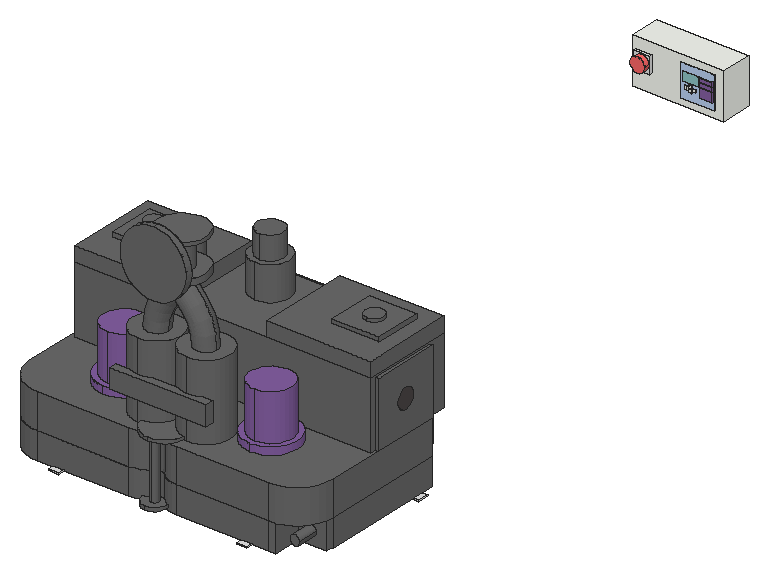
Revit family "11052", category Generic Models, Revit 2021
Family settings
  Can host rebar = No
  Round Connector Dimension = Use Diameter
  Part Type = Normal
  Work Plane-Based = No
  Always vertical = Yes
  Cut with Voids When Loaded = No
  Shared = Yes
  Room Calculation Point = No
Parameters (values of type "11052")
  SUPPLIER = "KESSEL"
  SA700ID49 = "Protection Class I"
  SA700ID48 = "no"
  SA700ID47 = "no"
  SA700ID46 = "yes"
  SA700ID37 = 16000 mm
  SA700ID34 = 47
  SA700ID33 = 3.2 W
  SA700ID32 = 196.52 kg
  SA700ID31 = 1
  SA700ID30 = 2
  SA700ID29 = "GLRD"
  SA700ID21 = 1600
  SA700ID10 = "yes"
  SA700ID08 = 400 V
  PROCUREWEBLINK = "https://p.caden.as/kessel/11052"
  PROCURELINK = "p.caden.as/kessel/11052"
  PROCUREDATALASTUPDATE = "2024-05-22T12:17:50.084235053+01:00"
  PREVIEW = "../../bilder/ksb_w_11052.png"
  PRC_SPECIFICATIONLINK = "https://ausschreiben.de/catalog/kessel/catalogItem/5278ebb1-2ca9-4d40-9ba7-52dc309c0124"
  NN = "Lifting station Aqualift F XL"
  NBSYN = "$SA810ID03."
  NB = "11052"
  Model = "11052"
  Manufacturer = "KESSEL"
  MIdent = "{$CADENAS_DATA/23d-libs/kessel/kessel_vdi_import/4/entwaesserung/hebeanlage20aqualift20f20xl.prj},201 {STYP=ASS},{VTYP=3D},{NB=11052},{LINA=11052},{NN=Lifting station Aqualift F XL},{DATE=21.11.2022 10:48:11},{GEOMDATE=21.11.2022 10:48:11},{VERSION=},{LINEID=300},{WBVAR=LODLEVEL},{WBNUMERIC=LODLEVEL}  {NB=11052},{LINA=11052},{KT=DUMMY},{PREVIEW=../../bilder/ksb_w_11052.png},{SA700ID04=Hebeanlage Aqualift F XL 300 l, Duo, SPF 3000-S3, Gussschieber},{SA810ID06=04026092057193},{SA700ID34=47.00},{SA010ID03=201805},{SA810ID03=11052},{SA810ID10=Aqualift F XL 3000W-S3 Duo 300L m.S.G.KESSEL Aqualift F XL Hebeanlage für fäkalienhaltiges und fäkalienfreies Abwasser. Zur Aufstellung in frostgeschützten Räumen.Duoanlage mit zwei Pumpen des Typs SPF 3000-S3 Sammelbehälter aus Polyethylen, mit verschraubter Reinigungsöffnung,Anschlussstutzen für Zulauf von oben DN100/150.Inklusive Tauchrohr zur pneumatischen Niveauerfassung,Entlüftungsanschluss DN 70 und Anschluss für eine Handmembranpumpe DN 32.Behälter inklusive Haltewinkel zur Auftriebssicherung.Behältervolumen 300 Liter, max. Nutzvolumen bei Zulauf von oben ca. 175 Liter.Zwei seitliche und drei rückseitige Anbohrflächen zur Montage weiterer Zuläufe bis DN 200 unter Verwendung von Durchgangsdichtungen.Inklusive KESSEL Schaltgerät Aqualift Comfort 400 V.Anwenderfreundliche Menüführung im mehrzeiligem Display. MitSelbstdiagnosesystem (SDS) und Erinnerungsfunktion für nächste Wartung.Anzeige der aktuellen Messwerte. Einfache Einstellung derfunktionsrelevanten Parameter, inklusive Betriebsstundenzähler und potentialfreiem Kontakt. Optionale Weiterleitung von Alarm- und Sammelstörmeldung über GSM Schnittstelle.Schaltgerät mit Volltextanzeige in sechs Sprachen.Abwasserpumpe(n) mit Freistromrad zur Förderung von fäkalienfreiem und fäkalienhaltigem Abwasser gemäß DIN EN 12050-1. Freier Kugeldurchgang mindestens 40 mm. Pumpe(n) überflutungssicher.Inklusive Rückflussverhinderer, mit Druckabgang aus Grauguss DN 80. nach DIN 2501. Inklusive einem Absperrschieber.Pumpe(n) Typ SPF 3000-S3Fördermenge: max. 47 m³/hFörderhöhe: max. 16 mNennleistung (P2): 2,7 KW je PumpeAufnahmeleistung (P1):  3,3 KW je PumpeBetriebsspannung: 400 V DSNennfrequenz: 50 HzNennstrom: 5,4 AAbsicherung: 3 x 16 A trägeSchutzart (Pumpe): IP68 3mWS/48hSchutzart (Schaltgerät): IP 65Bertiebsart: S3 (50 % Einschaltdauer)Kabellänge: 5 mAußenmaße Anlage mit 300 Liter Behälter (BxTxH): 1260 x 760 x 770 mm},{SA700ID37=16.00},{SA700ID33=3.20},{SA700ID08=400},{SA700ID30=2},{SA700ID32=196.52},{SA700ID49=Schutzklasse I},{SA700ID50=intern},{SA200ID03=6},{SA250ID03=vertikal},{SA260ID03=Trockenläuferpumpe},{SA350ID03=normalansaugend},{SA400ID03=E-Motor für Drehstrom},{SA460ID03=direkt},{SA500ID03=Kunststoff, Edelstahl},{SA700ID06=80},{SA700ID07=100},{SA700ID09=3/N/PE 400V},{SA700ID10=Ja},{SA700ID11=50},{SA700ID12=IP 68},{SA700ID13=F},{SA700ID15=40},{SA700ID21=1600.00},{SA700ID22=2.70},{SA700ID23=2845},{SA700ID24=2845},{SA700ID26=5.40},{SA700ID27=41.00},{SA700ID28=durchgehend},{SA700ID29=GLRD},{SA700ID31=1},{SA700ID46=ja},{SA700ID47=nein},{SA700ID48=nein},{SA110ID04=Hebeanlage Aqualift F XL},{SA300ID03=einstufig},{SA700ID44=10.00},{SA700ID45=10.00},{SA010ID04=KESSEL AG},{LODLEVEL=200},{LINK=https://www.kessel.de/info?han=11052},{SA970ID01=970},{SA970ID02=7177},{SA970ID03=11052},{SA970ID04=11002617},{SA970ID05=QUAD},{SA970ID06=-655.51},{SA970ID07=-650},{SA970ID08=0},{SA970ID09=1},{SA970ID10=0},{SA970ID11=0},{SA970ID12=0},{SA970ID13=1},{SA970ID14=0},{SA970ID15=1311.02},{SA970ID16=800},{SA970ID17=1037.75},{LODLEVEL_=200,'Low'},{LODLEVEL_DEU=200,'Low'},{LINK_=https://www.kessel.de/info?han=11052},{LINK_DEU=https://www.kessel.de/info?han=11052},{LODLEVEL_3DB=11052_200},{DNIN1=100},{DNIN2=70},{DNIN4=10},{DNIN5=10},{DNIN6=50},{DNIN7=50},{DNIN8=50},{DNIN9=50},{DNOUT1=32},{DNOUT2=100},{DNOUT3=70},{ISD1=96},{ISD2=10},{ISDOUT1=40},{ISDOUT2=85},{ISDOUT3=60},{SA010ID01=010},{SA010ID02=4},{SA010ID06=www.kessel.de},{SA010ID07=www.kessel.de},{SA010ID12=20180713},{SA010ID13=DEU},{SA010ID14=DE},{SA100ID01=100},{SA100ID02=4},{SA100ID04=Entwässerung},{SA110ID01=110},{SA110ID02=6},{SA200ID01=200},{SA200ID02=6},{SA250ID01=250},{SA250ID02=2},{SA260ID01=260},{SA260ID02=2},{SA300ID01=300},{SA300ID02=1},{SA350ID01=350},{SA350ID02=1},{SA400ID01=400},{SA400ID02=2},{SA460ID01=460},{SA460ID02=1},{SA500ID01=500},{SA500ID02=1},{SA700ID01=700},{SA700ID02=56},{SA700ID10_=1},{SA700ID16=0},{SA700ID25=0},{SA700ID46_=1},{SA700ID47_=0},{SA700ID48_=0},{SA700ID49_=1},{SA700ID50_=2},{SA800ID01=800},{SA800ID02=20},{SA810ID01=810},{SA810ID02=56},{SA810ID04=11052},{SA810ID07=56},{SA810ID09=1},{SA810ID14=PCE},{SA810ID15=1},{SA810ID16=NMP},{SA960ID03=56},{SA960ID04=3L},{SA960ID08=https://www.kessel.de/info?han=11052},{SA010ID08=4026092000007},{SA100ID05=Hebeanlage},{SA110ID06=Hebeanlage}"
  LINK = "https://www.kessel.de/info?han=11052"
  LINA = "11052"
  Default Elevation = 0 mm
  CREATOR = "CADENAS GmbH"
  CATALOG = "KESSEL"
  BOMINFO = "LINA"
  ARTICLENO = "NB"
  4.810.00.9 Order quantity (multiplicator) = "1"
  4.810.00.7 Media- connection number = "56"
  4.810.00.6 GTIN number = "04026092057193"
  4.810.00.4 DATANORM number = "11052"
  4.810.00.3 Producer order number = "11052"
  4.710.03.7 Mass (net) = 196.52 kg
  4.710.03.6 Height = 1042 mm
  4.710.03.5 Width = 889 mm
  4.710.03.4 Length = 1260 mm
  4.710.03.3 Type of dimensions = "2"
  4.710.02.8 Area of application of wastewater pump = "1"
  4.710.02.7 Art des S2/S3-Betriebs = "50 %"
  4.710.02.6 Duty type = "S3"
  4.710.02.5 Cutting device = "0"
  4.710.02.4 Attached pump control = "1"
  4.710.02.3 Free passage = 40 mm
  4.710.01.6 Option to connect to building automation = "40"
  4.710.01.5 Load regulation = "0"
  4.710.01.4 Designation of closed-loop control = "175"
  4.710.01.3 Identifier for closed-loop control = "300"
  4.700.00.9 Voltage = 0
  4.700.00.8 Nominal connection size on suction side = "100"
  4.700.00.7 Nominal connection size on pressure side = "100"
  4.700.00.6 Type of connection = "80"
  4.700.00.4 Product indentification = "Hebeanlage Aqualift F XL 300 l, Duo, SPF 3000-S3, Gussschieber"
  4.700.00.28 Motor pump shaft = "durchgehend"
  4.700.00.27 Starting current = 41
  4.700.00.26 Maximum power consumption per pump / drive = 5.4
  4.700.00.25 Minimum speed at internal speed adjustment = 0
  4.700.00.24 Nominal speed / maximum speed n = 47.4167
  4.700.00.23 Nominal speed of motor = 47.4167
  4.700.00.22 Maximum shaft output (P2) per pump/drive = 2.7 W
  4.700.00.16 Maximum temperature of pumped medium = 0 °C
  4.700.00.15 Increased safety class = "40 °C"
  4.700.00.13 Type of protection = "F"
  4.700.00.12 Frequency = 0
  4.700.00.11 Stern-/Dreieck-Anlaufschaltung bei Dreiphasenanschluss oder Drehstrom = "50 Hz"
  4.700.00.10 Phase = "1"
  4.500.00.3 Variant / Variant type / Accessories-name = "Kunststoff, Edelstahl"
  4.460.00.3 Variant / Variant type / Accessories-name = "direkt"
  4.400.00.3 Variant / Variant type / Accessories-name = "E-Motor für Drehstrom"
  4.350.00.3 Variant / Variant type / Accessories-name = "normalansaugend"
  4.300.00.3 Variant / Variant type / Accessories-name = "einstufig"
  4.260.00.3 Variant / Variant type / Accessories-name = "Trockenläuferpumpe"
  4.250.00.3 Variant / Variant type / Accessories-name = "vertikal"
  4.200.00.3 Variant / Variant type / Accessories-name = "6"
  4.110.00.6 Product classification = "Hebeanlage"
  4.110.00.4 Product indentification = "Hebeanlage Aqualift F XL"
  4.100.00.5 Main groups of wares = "Hebeanlage"
  4.100.00.4 Product indentification = "Entwässerung"
  4.010.00.8 Producer ID number = "4026092000007"
  4.010.00.7 Comment = "www.kessel.de"
  4.010.00.6 Web address of the manufacturer = "www.kessel.de"
  4.010.00.4 Manufacturer name = "KESSEL AG"
  4.010.00.3 Date of issuance (month) of guideline = "201805"
  4.010.00.2 Sheet number of the guideline = "4"
  4.010.00.14 Kennungen der Projektländer, für die die Datei gültig ist = "DE"
  4.010.00.13 Sprache der Datei = "DEU"
  4.010.00.12 Stand des Herstellerkatalogs = "20180713"
Reference planes
  plane 1 "Center (Front/Back)": y = 0
  plane 2: z = 0
  plane 3 "Center (Left/Right)": x = 0
Dimensions and locks
  aligned and locked: level to plane 2
Nested families
  nested 1: "11052_content" at (0, 0, 0), type "11052_Content"
  nested 2: "11052_part1_X0Y0" at (1000, 1000, 1200), type "11052_PART1_X0Y0"
  nested 3: "11052_part2_X0Y0" at (0, 0, 0), type "11052_PART2_X0Y0"
Connectors
  electrical at (861, 933, 1201.5)
    settings: on nested 2, index 1, voltage 0 V, apparent load 0 VA, apparent load phase1 0 VA, apparent load phase2 0 VA, apparent load phase3 0 VA, power factor 1, load classification "Other", number of poles 1, system type 31, power factor state 1, is connector primary yes, connector utility no, sub classification motor no, connector description ""
  piping at (0, 0, 771), diameter 100
    settings: on nested 3, index 2, connector inside diameter 609.6 mm, connector length 0 mm, flow factor 0, pipe flow 0.0 L/s, pressure drop 0.0 Pa, fitting loss kfactor 0, connector angle 0.00°, fixture units 0, engagement length 0 mm, angle of deflection 0.00°, flow configuration 0, flow direction 1, fitting loss method 2, system type 8, joint type 0, gender type 0, connector reference index -1, connector utility 0, adjustable connector no, is connector primary yes, connector description ""
  piping at (631, -85, 392), diameter 70
    settings: on nested 3, index 3, connector inside diameter 609.6 mm, connector length 0 mm, flow factor 0, pipe flow 0.0 L/s, pressure drop 0.0 Pa, fitting loss kfactor 0, connector angle 0.00°, fixture units 0, engagement length 0 mm, angle of deflection 0.00°, flow configuration 0, flow direction 0, fitting loss method 2, system type 8, joint type 0, gender type 0, connector reference index -1, connector utility 0, adjustable connector no, is connector primary no, connector description ""
  piping at (358.7, 150.5, 392), diameter 70
    settings: on nested 3, index 4, connector inside diameter 609.6 mm, connector length 0 mm, flow factor 0, pipe flow 0.0 L/s, pressure drop 0.0 Pa, fitting loss kfactor 0, connector angle 0.00°, fixture units 0, engagement length 0 mm, angle of deflection 0.00°, flow configuration 0, flow direction 0, fitting loss method 2, system type 8, joint type 0, gender type 0, connector reference index -1, connector utility 0, adjustable connector no, is connector primary no, connector description ""
  piping at (0, 150.5, 392), diameter 70
    settings: on nested 3, index 5, connector inside diameter 609.6 mm, connector length 0 mm, flow factor 0, pipe flow 0.0 L/s, pressure drop 0.0 Pa, fitting loss kfactor 0, connector angle 0.00°, fixture units 0, engagement length 0 mm, angle of deflection 0.00°, flow configuration 0, flow direction 0, fitting loss method 2, system type 8, joint type 0, gender type 0, connector reference index -1, connector utility 0, adjustable connector no, is connector primary no, connector description ""
  piping at (-357.7, 150.5, 392), diameter 70
    settings: on nested 3, index 6, connector inside diameter 609.6 mm, connector length 0 mm, flow factor 0, pipe flow 0.0 L/s, pressure drop 0.0 Pa, fitting loss kfactor 0, connector angle 0.00°, fixture units 0, engagement length 0 mm, angle of deflection 0.00°, flow configuration 0, flow direction 0, fitting loss method 2, system type 8, joint type 0, gender type 0, connector reference index -1, connector utility 0, adjustable connector no, is connector primary no, connector description ""
  piping at (-630, -85, 392), diameter 70
    settings: on nested 3, index 7, connector inside diameter 609.6 mm, connector length 0 mm, flow factor 0, pipe flow 0.0 L/s, pressure drop 0.0 Pa, fitting loss kfactor 0, connector angle 0.00°, fixture units 0, engagement length 0 mm, angle of deflection 0.00°, flow configuration 0, flow direction 0, fitting loss method 2, system type 8, joint type 0, gender type 0, connector reference index -1, connector utility 0, adjustable connector no, is connector primary no, connector description ""
  piping at (0, -460, 970), diameter 100
    settings: on nested 3, index 8, connector inside diameter 609.6 mm, connector length 0 mm, flow factor 0, pipe flow 0.0 L/s, pressure drop 0.0 Pa, fitting loss kfactor 0, connector angle 0.00°, fixture units 0, engagement length 0 mm, angle of deflection 0.00°, flow configuration 0, flow direction 2, fitting loss method 2, system type 7, joint type 0, gender type 0, connector reference index -1, connector utility 0, adjustable connector no, is connector primary no, connector description ""
  piping at (-269.5, -60, 681), diameter 70
    settings: on nested 3, index 9, connector inside diameter 609.6 mm, connector length 0 mm, flow factor 0, pipe flow 0.0 L/s, pressure drop 0.0 Pa, fitting loss kfactor 0, connector angle 0.00°, fixture units 0, engagement length 0 mm, angle of deflection 0.00°, flow configuration 0, flow direction 2, fitting loss method 2, system type 7, joint type 0, gender type 0, connector reference index -1, connector utility 0, adjustable connector no, is connector primary no, connector description ""
  piping at (565, -575.5, 56), diameter 32
    settings: on nested 3, index 10, connector inside diameter 609.6 mm, connector length 0 mm, flow factor 0, pipe flow 0.0 L/s, pressure drop 0.0 Pa, fitting loss kfactor 0, connector angle 0.00°, fixture units 0, engagement length 0 mm, angle of deflection 0.00°, flow configuration 0, flow direction 2, fitting loss method 2, system type 7, joint type 0, gender type 0, connector reference index -1, connector utility 0, adjustable connector no, is connector primary no, connector description ""
  electrical at (305.4, -376.25, 477)
    settings: on nested 3, index 11, voltage 0 V, apparent load 0 VA, apparent load phase1 0 VA, apparent load phase2 0 VA, apparent load phase3 0 VA, power factor 1, load classification "Other", number of poles 1, system type 31, power factor state 1, is connector primary no, connector utility no, sub classification motor no, connector description ""
  electrical at (-305.4, -376.25, 477)
    settings: on nested 3, index 12, voltage 0 V, apparent load 0 VA, apparent load phase1 0 VA, apparent load phase2 0 VA, apparent load phase3 0 VA, power factor 1, load classification "Other", number of poles 1, system type 31, power factor state 1, is connector primary no, connector utility no, sub classification motor no, connector description ""
  electrical at (-457, -29.5, 650)
    settings: on nested 3, index 13, voltage 0 V, apparent load 0 VA, apparent load phase1 0 VA, apparent load phase2 0 VA, apparent load phase3 0 VA, power factor 1, load classification "Other", number of poles 1, system type 31, power factor state 1, is connector primary no, connector utility no, sub classification motor no, connector description ""
Definition of nested family "11052_part1_X0Y0"
  Parameters (values of type "11052_PART1_X0Y0")
    SUPPLIER = "KESSEL"
    SA700ID49 = "Protection Class I"
    SA700ID48 = "no"
    SA700ID47 = "no"
    SA700ID46 = "yes"
    SA700ID37 = 16000 mm
    SA700ID34 = 47
    SA700ID33 = 3.2 W
    SA700ID32 = 196.52 kg
    SA700ID31 = 1
    SA700ID30 = 2
    SA700ID29 = "GLRD"
    SA700ID21 = 1600
    SA700ID10 = "yes"
    SA700ID08 = 400 V
    PREVIEW = "../../bilder/ksb_w_11052.png"
    NBSYN = "$SA810ID03._PART1"
    NB = "11052_PART1"
    Model = "11052_PART1"
    Manufacturer = "KESSEL"
    MIdent = "{$CADENAS_DATA/23d-libs/kessel/kessel_vdi_import/4/entwaesserung/hebeanlage20aqualift20f20xl.prj},221 {VTYP=3D},{NB=11052_PART1},{LINA=11052_PART1},{NN=Lifting station Aqualift F XL_PART1},{NOPRJ=TRUE},{DATE=21.11.2022 10:48:11},{GEOMDATE=21.11.2022 10:48:11},{VERSION=},{LINEID=300},{WBVAR=LODLEVEL},{WBNUMERIC=LODLEVEL}  {NB=11052_PART1},{LINA=11052_PART1},{KT=DUMMY},{PREVIEW=../../bilder/ksb_w_11052.png},{SA700ID04=Hebeanlage Aqualift F XL 300 l, Duo, SPF 3000-S3, Gussschieber},{SA810ID06=04026092057193},{SA700ID34=47.00},{SA010ID03=201805},{SA810ID03=11052},{SA810ID10=Aqualift F XL 3000W-S3 Duo 300L m.S.G.KESSEL Aqualift F XL Hebeanlage für fäkalienhaltiges und fäkalienfreies Abwasser. Zur Aufstellung in frostgeschützten Räumen.Duoanlage mit zwei Pumpen des Typs SPF 3000-S3 Sammelbehälter aus Polyethylen, mit verschraubter Reinigungsöffnung,Anschlussstutzen für Zulauf von oben DN100/150.Inklusive Tauchrohr zur pneumatischen Niveauerfassung,Entlüftungsanschluss DN 70 und Anschluss für eine Handmembranpumpe DN 32.Behälter inklusive Haltewinkel zur Auftriebssicherung.Behältervolumen 300 Liter, max. Nutzvolumen bei Zulauf von oben ca. 175 Liter.Zwei seitliche und drei rückseitige Anbohrflächen zur Montage weiterer Zuläufe bis DN 200 unter Verwendung von Durchgangsdichtungen.Inklusive KESSEL Schaltgerät Aqualift Comfort 400 V.Anwenderfreundliche Menüführung im mehrzeiligem Display. MitSelbstdiagnosesystem (SDS) und Erinnerungsfunktion für nächste Wartung.Anzeige der aktuellen Messwerte. Einfache Einstellung derfunktionsrelevanten Parameter, inklusive Betriebsstundenzähler und potentialfreiem Kontakt. Optionale Weiterleitung von Alarm- und Sammelstörmeldung über GSM Schnittstelle.Schaltgerät mit Volltextanzeige in sechs Sprachen.Abwasserpumpe(n) mit Freistromrad zur Förderung von fäkalienfreiem und fäkalienhaltigem Abwasser gemäß DIN EN 12050-1. Freier Kugeldurchgang mindestens 40 mm. Pumpe(n) überflutungssicher.Inklusive Rückflussverhinderer, mit Druckabgang aus Grauguss DN 80. nach DIN 2501. Inklusive einem Absperrschieber.Pumpe(n) Typ SPF 3000-S3Fördermenge: max. 47 m³/hFörderhöhe: max. 16 mNennleistung (P2): 2,7 KW je PumpeAufnahmeleistung (P1):  3,3 KW je PumpeBetriebsspannung: 400 V DSNennfrequenz: 50 HzNennstrom: 5,4 AAbsicherung: 3 x 16 A trägeSchutzart (Pumpe): IP68 3mWS/48hSchutzart (Schaltgerät): IP 65Bertiebsart: S3 (50 % Einschaltdauer)Kabellänge: 5 mAußenmaße Anlage mit 300 Liter Behälter (BxTxH): 1260 x 760 x 770 mm},{SA700ID37=16.00},{SA700ID33=3.20},{SA700ID08=400},{SA700ID30=2},{SA700ID32=196.52},{SA700ID49=Schutzklasse I},{SA700ID50=intern},{SA200ID03=6},{SA250ID03=vertikal},{SA260ID03=Trockenläuferpumpe},{SA350ID03=normalansaugend},{SA400ID03=E-Motor für Drehstrom},{SA460ID03=direkt},{SA500ID03=Kunststoff, Edelstahl},{SA700ID06=80},{SA700ID07=100},{SA700ID09=3/N/PE 400V},{SA700ID10=Ja},{SA700ID11=50},{SA700ID12=IP 68},{SA700ID13=F},{SA700ID15=40},{SA700ID21=1600.00},{SA700ID22=2.70},{SA700ID23=2845},{SA700ID24=2845},{SA700ID26=5.40},{SA700ID27=41.00},{SA700ID28=durchgehend},{SA700ID29=GLRD},{SA700ID31=1},{SA700ID46=ja},{SA700ID47=nein},{SA700ID48=nein},{SA110ID04=Hebeanlage Aqualift F XL},{SA300ID03=einstufig},{SA700ID44=10.00},{SA700ID45=10.00},{SA010ID04=KESSEL AG},{LODLEVEL=200},{LINK=https://www.kessel.de/info?han=11052},{SA970ID01=970},{SA970ID02=7177},{SA970ID03=11052},{SA970ID04=11002617},{SA970ID05=QUAD},{SA970ID06=-655.51},{SA970ID07=-650},{SA970ID08=0},{SA970ID09=1},{SA970ID10=0},{SA970ID11=0},{SA970ID12=0},{SA970ID13=1},{SA970ID14=0},{SA970ID15=1311.02},{SA970ID16=800},{SA970ID17=1037.75},{LODLEVEL_=200,'Low'},{LODLEVEL_DEU=200,'Low'},{LINK_=https://www.kessel.de/info?han=11052},{LINK_DEU=https://www.kessel.de/info?han=11052},{LODLEVEL_3DB=11052_200},{DNIN1=100},{DNIN2=70},{DNIN4=10},{DNIN5=10},{DNIN6=50},{DNIN7=50},{DNIN8=50},{DNIN9=50},{DNOUT1=32},{DNOUT2=100},{DNOUT3=70},{ISD1=96},{ISD2=10},{ISDOUT1=40},{ISDOUT2=85},{ISDOUT3=60},{SA010ID01=010},{SA010ID02=4},{SA010ID06=www.kessel.de},{SA010ID07=www.kessel.de},{SA010ID12=20180713},{SA010ID13=DEU},{SA010ID14=DE},{SA100ID01=100},{SA100ID02=4},{SA100ID04=Entwässerung},{SA110ID01=110},{SA110ID02=6},{SA200ID01=200},{SA200ID02=6},{SA250ID01=250},{SA250ID02=2},{SA260ID01=260},{SA260ID02=2},{SA300ID01=300},{SA300ID02=1},{SA350ID01=350},{SA350ID02=1},{SA400ID01=400},{SA400ID02=2},{SA460ID01=460},{SA460ID02=1},{SA500ID01=500},{SA500ID02=1},{SA700ID01=700},{SA700ID02=56},{SA700ID10_=1},{SA700ID16=0},{SA700ID25=0},{SA700ID46_=1},{SA700ID47_=0},{SA700ID48_=0},{SA700ID49_=1},{SA700ID50_=2},{SA800ID01=800},{SA800ID02=20},{SA810ID01=810},{SA810ID02=56},{SA810ID04=11052},{SA810ID07=56},{SA810ID09=1},{SA810ID14=PCE},{SA810ID15=1},{SA810ID16=NMP},{SA960ID03=56},{SA960ID04=3L},{SA960ID08=https://www.kessel.de/info?han=11052},{SA010ID08=4026092000007},{SA100ID05=Hebeanlage},{SA110ID06=Hebeanlage}"
    LINK = "https://www.kessel.de/info?han=11052"
    LINA = "11052_PART1"
    Default Elevation = 1219.2 mm
    CREATOR = "CADENAS GmbH"
    CATALOG = "KESSEL"
    BOMINFO = "LINA"
    ARTICLENO = "NB"
    4.810.00.9 Order quantity (multiplicator) = "1"
    4.810.00.7 Media- connection number = "56"
    4.810.00.6 GTIN number = "04026092057193"
    4.810.00.4 DATANORM number = "11052"
    4.810.00.3 Producer order number = "11052"
    4.710.03.7 Mass (net) = 196.52 kg
    4.710.03.6 Height = 1042 mm
    4.710.03.5 Width = 889 mm
    4.710.03.4 Length = 1260 mm
    4.710.03.3 Type of dimensions = "2"
    4.710.02.8 Area of application of wastewater pump = "1"
    4.710.02.7 Art des S2/S3-Betriebs = "50 %"
    4.710.02.6 Duty type = "S3"
    4.710.02.5 Cutting device = "0"
    4.710.02.4 Attached pump control = "1"
    4.710.02.3 Free passage = 40 mm
    4.710.01.6 Option to connect to building automation = "40"
    4.710.01.5 Load regulation = "0"
    4.710.01.4 Designation of closed-loop control = "175"
    4.710.01.3 Identifier for closed-loop control = "300"
    4.700.00.9 Voltage = 0
    4.700.00.8 Nominal connection size on suction side = "100"
    4.700.00.7 Nominal connection size on pressure side = "100"
    4.700.00.6 Type of connection = "80"
    4.700.00.4 Product indentification = "Hebeanlage Aqualift F XL 300 l, Duo, SPF 3000-S3, Gussschieber"
    4.700.00.28 Motor pump shaft = "durchgehend"
    4.700.00.27 Starting current = 41
    4.700.00.26 Maximum power consumption per pump / drive = 5.4
    4.700.00.25 Minimum speed at internal speed adjustment = 0
    4.700.00.24 Nominal speed / maximum speed n = 47.4167
    4.700.00.23 Nominal speed of motor = 47.4167
    4.700.00.22 Maximum shaft output (P2) per pump/drive = 2.7 W
    4.700.00.16 Maximum temperature of pumped medium = 0 °C
    4.700.00.15 Increased safety class = "40 °C"
    4.700.00.13 Type of protection = "F"
    4.700.00.12 Frequency = 0
    4.700.00.11 Stern-/Dreieck-Anlaufschaltung bei Dreiphasenanschluss oder Drehstrom = "50 Hz"
    4.700.00.10 Phase = "1"
    4.500.00.3 Variant / Variant type / Accessories-name = "Kunststoff, Edelstahl"
    4.460.00.3 Variant / Variant type / Accessories-name = "direkt"
    4.400.00.3 Variant / Variant type / Accessories-name = "E-Motor für Drehstrom"
    4.350.00.3 Variant / Variant type / Accessories-name = "normalansaugend"
    4.300.00.3 Variant / Variant type / Accessories-name = "einstufig"
    4.260.00.3 Variant / Variant type / Accessories-name = "Trockenläuferpumpe"
    4.250.00.3 Variant / Variant type / Accessories-name = "vertikal"
    4.200.00.3 Variant / Variant type / Accessories-name = "6"
    4.110.00.6 Product classification = "Hebeanlage"
    4.110.00.4 Product indentification = "Hebeanlage Aqualift F XL"
    4.100.00.5 Main groups of wares = "Hebeanlage"
    4.100.00.4 Product indentification = "Entwässerung"
    4.010.00.8 Producer ID number = "4026092000007"
    4.010.00.7 Comment = "www.kessel.de"
    4.010.00.6 Web address of the manufacturer = "www.kessel.de"
    4.010.00.4 Manufacturer name = "KESSEL AG"
    4.010.00.3 Date of issuance (month) of guideline = "201805"
    4.010.00.2 Sheet number of the guideline = "4"
    4.010.00.14 Kennungen der Projektländer, für die die Datei gültig ist = "DE"
    4.010.00.13 Sprache der Datei = "DEU"
    4.010.00.12 Stand des Herstellerkatalogs = "20180713"
  Reference planes
    plane 1 "Center (Front/Back)": y = 0
    plane 2: z = 0
    plane 3 "Center (Left/Right)": x = 0
  Dimensions and locks
    aligned and locked: level to plane 2
  Nested families
    nested 1: "11052_part1_content" at (0, 0, 0), type "11052_PART1_Content"
  Definition of nested family "11052_part1_content"
    Parameters (values of type "11052_PART1_Content")
      SUPPLIER = "KESSEL"
      SA700ID49 = "Protection Class I"
      SA700ID48 = "no"
      SA700ID47 = "no"
      SA700ID46 = "yes"
      SA700ID37 = 16000 mm
      SA700ID34 = 47
      SA700ID33 = 3.2 W
      SA700ID32 = 196.52 kg
      SA700ID31 = 1
      SA700ID30 = 2
      SA700ID29 = "GLRD"
      SA700ID21 = 1600
      SA700ID10 = "yes"
      SA700ID08 = 400 V
      PREVIEW = "../../bilder/ksb_w_11052.png"
      NBSYN = "$SA810ID03._PART1"
      NB = "11052_PART1"
      Model = "11052_PART1"
      Manufacturer = "KESSEL"
      LINK = "https://www.kessel.de/info?han=11052"
      LINA = "11052_PART1"
      Default Elevation = 1219.2 mm
      CREATOR = "CADENAS GmbH"
      CATALOG = "KESSEL"
      BOMINFO = "LINA"
      ARTICLENO = "NB"
      4.810.00.9 Order quantity (multiplicator) = "1"
      4.810.00.7 Media- connection number = "56"
      4.810.00.6 GTIN number = "04026092057193"
      4.810.00.4 DATANORM number = "11052"
      4.810.00.3 Producer order number = "11052"
      4.710.03.7 Mass (net) = 196.52 kg
      4.710.03.6 Height = 1042 mm
      4.710.03.5 Width = 889 mm
      4.710.03.4 Length = 1260 mm
      4.710.03.3 Type of dimensions = "2"
      4.710.02.8 Area of application of wastewater pump = "1"
      4.710.02.7 Art des S2/S3-Betriebs = "50 %"
      4.710.02.6 Duty type = "S3"
      4.710.02.5 Cutting device = "0"
      4.710.02.4 Attached pump control = "1"
      4.710.02.3 Free passage = 40 mm
      4.710.01.6 Option to connect to building automation = "40"
      4.710.01.5 Load regulation = "0"
      4.710.01.4 Designation of closed-loop control = "175"
      4.710.01.3 Identifier for closed-loop control = "300"
      4.700.00.9 Voltage = 0
      4.700.00.8 Nominal connection size on suction side = "100"
      4.700.00.7 Nominal connection size on pressure side = "100"
      4.700.00.6 Type of connection = "80"
      4.700.00.4 Product indentification = "Hebeanlage Aqualift F XL 300 l, Duo, SPF 3000-S3, Gussschieber"
      4.700.00.28 Motor pump shaft = "durchgehend"
      4.700.00.27 Starting current = 41
      4.700.00.26 Maximum power consumption per pump / drive = 5.4
      4.700.00.25 Minimum speed at internal speed adjustment = 0
      4.700.00.24 Nominal speed / maximum speed n = 47.4167
      4.700.00.23 Nominal speed of motor = 47.4167
      4.700.00.22 Maximum shaft output (P2) per pump/drive = 2.7 W
      4.700.00.16 Maximum temperature of pumped medium = 0 °C
      4.700.00.15 Increased safety class = "40 °C"
      4.700.00.13 Type of protection = "F"
      4.700.00.12 Frequency = 0
      4.700.00.11 Stern-/Dreieck-Anlaufschaltung bei Dreiphasenanschluss oder Drehstrom = "50 Hz"
      4.700.00.10 Phase = "1"
      4.500.00.3 Variant / Variant type / Accessories-name = "Kunststoff, Edelstahl"
      4.460.00.3 Variant / Variant type / Accessories-name = "direkt"
      4.400.00.3 Variant / Variant type / Accessories-name = "E-Motor für Drehstrom"
      4.350.00.3 Variant / Variant type / Accessories-name = "normalansaugend"
      4.300.00.3 Variant / Variant type / Accessories-name = "einstufig"
      4.260.00.3 Variant / Variant type / Accessories-name = "Trockenläuferpumpe"
      4.250.00.3 Variant / Variant type / Accessories-name = "vertikal"
      4.200.00.3 Variant / Variant type / Accessories-name = "6"
      4.110.00.6 Product classification = "Hebeanlage"
      4.110.00.4 Product indentification = "Hebeanlage Aqualift F XL"
      4.100.00.5 Main groups of wares = "Hebeanlage"
      4.100.00.4 Product indentification = "Entwässerung"
      4.010.00.8 Producer ID number = "4026092000007"
      4.010.00.7 Comment = "www.kessel.de"
      4.010.00.6 Web address of the manufacturer = "www.kessel.de"
      4.010.00.4 Manufacturer name = "KESSEL AG"
      4.010.00.3 Date of issuance (month) of guideline = "201805"
      4.010.00.2 Sheet number of the guideline = "4"
      4.010.00.14 Kennungen der Projektländer, für die die Datei gültig ist = "DE"
      4.010.00.13 Sprache der Datei = "DEU"
      4.010.00.12 Stand des Herstellerkatalogs = "20180713"
    Reference planes
      plane 1 "Center (Front/Back)": y = 0
      plane 2: z = 0
      plane 3 "Center (Left/Right)": x = 0
    Forms (mm)
      Extrusion 1, solid, detail levels medium+fine
        sketch origin (189.25, -1.75, 0.2) x (0, -1, 0) y (0, 0, 1)
          loop
            line (0, 187.8) -> (0, 0) -> (127.75, 0) -> (127.75, 187.8) -> (0, 187.8)
        from 0 to 378.5
      Extrusion 2, solid, detail levels medium+fine
        sketch origin (-4, -67, 0) x (0, 1, 0) y (-1, 0, 0)
          loop
            circle (0, 0) r 12.5
        from 0 to 1.5
      Extrusion 3, solid, detail levels medium+fine
        sketch origin (150.8, -129.5, 26.5) x (0, -1, 0) y (0, 0, 1)
          loop
            line (-1.2, 134.8) -> (-1.2, 0) -> (0.25, 0) -> (0.25, 134.8) -> (-1.2, 134.8)
        from 0 to 139.9
      Extrusion 4, solid, detail levels medium+fine
        sketch origin (72.55, -129.75, 66) x (0, -1, 0) y (0, 0, 1)
          loop
            line (-1, 12) -> (-1, 0) -> (0.5, 0) -> (0.5, 12) -> (-1, 12)
        from 0 to 12
      Extrusion 5, solid, detail levels medium+fine
        sketch origin (84.45, -129.75, 93.4) x (0, -1, 0) y (0, 0, 1)
          loop
            line (-1, 37) -> (-1, 0) -> (0.5, 0) -> (0.5, 37) -> (-1, 37)
        from 0 to 66
      Extrusion 6, solid, detail levels medium+fine
        sketch origin (55.3, -129.75, 74) x (0, -1, 0) y (0, 0, 1)
          loop
            line (-1, 12) -> (-1, 0) -> (0.5, 0) -> (0.5, 12) -> (-1, 12)
        from 0 to 12
      Extrusion 7, solid, detail levels medium+fine
        sketch origin (143.3, -129.75, 94.4) x (0, -1, 0) y (0, 0, 1)
          loop
            line (0, 16) -> (0, 0) -> (1.75, 0) -> (1.75, 16) -> (0, 16)
        from 0 to 51
      Extrusion 8, solid, detail levels medium+fine
        sketch origin (143.3, -129.75, 54.4) x (0, -1, 0) y (0, 0, 1)
          loop
            line (0, 36) -> (0, 0) -> (1.75, 0) -> (1.75, 36) -> (0, 36)
        from 0 to 51
      Extrusion 9, solid, detail levels medium+fine
        sketch origin (55.3, -129.75, 57.5) x (0, -1, 0) y (0, 0, 1)
          loop
            line (-1, 12) -> (-1, 0) -> (0.5, 0) -> (0.5, 12) -> (-1, 12)
        from 0 to 12
      Extrusion 10, solid, detail levels medium+fine
        sketch origin (143.3, -129.75, 114.4) x (0, -1, 0) y (0, 0, 1)
          loop
            line (0, 16) -> (0, 0) -> (1.75, 0) -> (1.75, 16) -> (0, 16)
        from 0 to 51
      Extrusion 11, solid, detail levels medium+fine
        sketch origin (38.05, -129.75, 66) x (0, -1, 0) y (0, 0, 1)
          loop
            line (-1, 12) -> (-1, 0) -> (0.5, 0) -> (0.5, 12) -> (-1, 12)
        from 0 to 12
      Extrusion 12, solid, detail levels medium+fine
        sketch origin (47, -72, 0) x (0, 1, 0) y (-1, 0, 0)
          loop
            circle (0, 0) r 8
        from 0 to 1.5
      Extrusion 13, solid, detail levels medium+fine
        sketch origin (47, -42, 0) x (0, 1, 0) y (-1, 0, 0)
          loop
            circle (0, 0) r 5.25
        from 0 to 1.5
      Extrusion 14, solid, detail levels medium+fine
        sketch origin (77, -72, 0) x (0, 1, 0) y (-1, 0, 0)
          loop
            circle (0, 0) r 8
        from 0 to 1.5
      Extrusion 15, solid, detail levels medium+fine
        sketch origin (-94, -67, 0) x (0, 1, 0) y (-1, 0, 0)
          loop
            circle (0, 0) r 12.5
        from 0 to 1.5
      Extrusion 16, solid, detail levels medium+fine
        sketch origin (92, -42, 0) x (0, 1, 0) y (-1, 0, 0)
          loop
            circle (0, 0) r 8
        from 0 to 1.5
      Extrusion 17, solid, detail levels medium+fine
        sketch origin (107, -72, 0) x (0, 1, 0) y (-1, 0, 0)
          loop
            circle (0, 0) r 8
        from 0 to 1.5
      Extrusion 18, solid, detail levels medium+fine
        sketch origin (122, -42, 0) x (0, 1, 0) y (-1, 0, 0)
          loop
            circle (0, 0) r 8
        from 0 to 1.5
      Extrusion 19, solid, detail levels medium+fine
        sketch origin (-107.7, -129.5, 76.9) x (0, -1, 0) y (0, 0, 1)
          loop
            line (0, 67) -> (0, 0) -> (14, 0) -> (14, 67) -> (0, 67)
        from 0 to 67
      Extrusion 20, solid, detail levels medium+fine
        sketch origin (-141.2, -143.5, 110.4) x (1, 0, 0) y (0, 0, 1)
          loop
            circle (0, 0) r 30
        from 0 to 22
      Extrusion 21, solid, detail levels medium+fine
        sketch origin (127, -15, 0) x (0, 1, 0) y (-1, 0, 0)
          loop
            circle (0, 0) r 6
        from 0 to 1.5
      Extrusion 22, solid, detail levels medium+fine
        sketch origin (137, -72, 0) x (0, 1, 0) y (-1, 0, 0)
          loop
            circle (0, 0) r 8
        from 0 to 1.5
      Extrusion 23, solid, detail levels medium+fine
        sketch origin (-139, -67, 0) x (0, 1, 0) y (-1, 0, 0)
          loop
            circle (0, 0) r 12.5
        from 0 to 1.5
      Extrusion 24, solid, detail levels medium+fine
        sketch origin (152, -42, 0) x (0, 1, 0) y (-1, 0, 0)
          loop
            circle (0, 0) r 8
        from 0 to 1.5
      Extrusion 25, solid, detail levels coarse
        sketch origin (0, -83.625, 0) x (1, 0, 0) y (0, 1, 0)
          loop
            line (-189.25, -81.875) -> (189.25, -81.875) -> (189.25, 81.875) -> (-189.25, 81.875) -> (-189.25, -81.875)
        from 0 to 188
    Dimensions and locks
      aligned and locked: level to plane 2
Definition of nested family "11052_part2_X0Y0"
  Parameters (values of type "11052_PART2_X0Y0")
    SUPPLIER = "KESSEL"
    SA700ID49 = "Protection Class I"
    SA700ID48 = "no"
    SA700ID47 = "no"
    SA700ID46 = "yes"
    SA700ID37 = 16000 mm
    SA700ID34 = 47
    SA700ID33 = 3.2 W
    SA700ID32 = 196.52 kg
    SA700ID31 = 1
    SA700ID30 = 2
    SA700ID29 = "GLRD"
    SA700ID21 = 1600
    SA700ID10 = "yes"
    SA700ID08 = 400 V
    PREVIEW = "../../bilder/ksb_w_11052.png"
    NBSYN = "$SA810ID03._PART2"
    NB = "11052_PART2"
    Model = "11052_PART2"
    Manufacturer = "KESSEL"
    MIdent = "{$CADENAS_DATA/23d-libs/kessel/kessel_vdi_import/4/entwaesserung/hebeanlage20aqualift20f20xl.prj},221 {VTYP=3D},{NB=11052_PART2},{LINA=11052_PART2},{NN=Lifting station Aqualift F XL_PART2},{NOPRJ=TRUE},{DATE=21.11.2022 10:48:11},{GEOMDATE=21.11.2022 10:48:11},{VERSION=},{LINEID=300},{WBVAR=LODLEVEL},{WBNUMERIC=LODLEVEL}  {NB=11052_PART2},{LINA=11052_PART2},{KT=DUMMY},{PREVIEW=../../bilder/ksb_w_11052.png},{SA700ID04=Hebeanlage Aqualift F XL 300 l, Duo, SPF 3000-S3, Gussschieber},{SA810ID06=04026092057193},{SA700ID34=47.00},{SA010ID03=201805},{SA810ID03=11052},{SA810ID10=Aqualift F XL 3000W-S3 Duo 300L m.S.G.KESSEL Aqualift F XL Hebeanlage für fäkalienhaltiges und fäkalienfreies Abwasser. Zur Aufstellung in frostgeschützten Räumen.Duoanlage mit zwei Pumpen des Typs SPF 3000-S3 Sammelbehälter aus Polyethylen, mit verschraubter Reinigungsöffnung,Anschlussstutzen für Zulauf von oben DN100/150.Inklusive Tauchrohr zur pneumatischen Niveauerfassung,Entlüftungsanschluss DN 70 und Anschluss für eine Handmembranpumpe DN 32.Behälter inklusive Haltewinkel zur Auftriebssicherung.Behältervolumen 300 Liter, max. Nutzvolumen bei Zulauf von oben ca. 175 Liter.Zwei seitliche und drei rückseitige Anbohrflächen zur Montage weiterer Zuläufe bis DN 200 unter Verwendung von Durchgangsdichtungen.Inklusive KESSEL Schaltgerät Aqualift Comfort 400 V.Anwenderfreundliche Menüführung im mehrzeiligem Display. MitSelbstdiagnosesystem (SDS) und Erinnerungsfunktion für nächste Wartung.Anzeige der aktuellen Messwerte. Einfache Einstellung derfunktionsrelevanten Parameter, inklusive Betriebsstundenzähler und potentialfreiem Kontakt. Optionale Weiterleitung von Alarm- und Sammelstörmeldung über GSM Schnittstelle.Schaltgerät mit Volltextanzeige in sechs Sprachen.Abwasserpumpe(n) mit Freistromrad zur Förderung von fäkalienfreiem und fäkalienhaltigem Abwasser gemäß DIN EN 12050-1. Freier Kugeldurchgang mindestens 40 mm. Pumpe(n) überflutungssicher.Inklusive Rückflussverhinderer, mit Druckabgang aus Grauguss DN 80. nach DIN 2501. Inklusive einem Absperrschieber.Pumpe(n) Typ SPF 3000-S3Fördermenge: max. 47 m³/hFörderhöhe: max. 16 mNennleistung (P2): 2,7 KW je PumpeAufnahmeleistung (P1):  3,3 KW je PumpeBetriebsspannung: 400 V DSNennfrequenz: 50 HzNennstrom: 5,4 AAbsicherung: 3 x 16 A trägeSchutzart (Pumpe): IP68 3mWS/48hSchutzart (Schaltgerät): IP 65Bertiebsart: S3 (50 % Einschaltdauer)Kabellänge: 5 mAußenmaße Anlage mit 300 Liter Behälter (BxTxH): 1260 x 760 x 770 mm},{SA700ID37=16.00},{SA700ID33=3.20},{SA700ID08=400},{SA700ID30=2},{SA700ID32=196.52},{SA700ID49=Schutzklasse I},{SA700ID50=intern},{SA200ID03=6},{SA250ID03=vertikal},{SA260ID03=Trockenläuferpumpe},{SA350ID03=normalansaugend},{SA400ID03=E-Motor für Drehstrom},{SA460ID03=direkt},{SA500ID03=Kunststoff, Edelstahl},{SA700ID06=80},{SA700ID07=100},{SA700ID09=3/N/PE 400V},{SA700ID10=Ja},{SA700ID11=50},{SA700ID12=IP 68},{SA700ID13=F},{SA700ID15=40},{SA700ID21=1600.00},{SA700ID22=2.70},{SA700ID23=2845},{SA700ID24=2845},{SA700ID26=5.40},{SA700ID27=41.00},{SA700ID28=durchgehend},{SA700ID29=GLRD},{SA700ID31=1},{SA700ID46=ja},{SA700ID47=nein},{SA700ID48=nein},{SA110ID04=Hebeanlage Aqualift F XL},{SA300ID03=einstufig},{SA700ID44=10.00},{SA700ID45=10.00},{SA010ID04=KESSEL AG},{LODLEVEL=200},{LINK=https://www.kessel.de/info?han=11052},{SA970ID01=970},{SA970ID02=7177},{SA970ID03=11052},{SA970ID04=11002617},{SA970ID05=QUAD},{SA970ID06=-655.51},{SA970ID07=-650},{SA970ID08=0},{SA970ID09=1},{SA970ID10=0},{SA970ID11=0},{SA970ID12=0},{SA970ID13=1},{SA970ID14=0},{SA970ID15=1311.02},{SA970ID16=800},{SA970ID17=1037.75},{LODLEVEL_=200,'Low'},{LODLEVEL_DEU=200,'Low'},{LINK_=https://www.kessel.de/info?han=11052},{LINK_DEU=https://www.kessel.de/info?han=11052},{LODLEVEL_3DB=11052_200},{DNIN1=100},{DNIN2=70},{DNIN4=10},{DNIN5=10},{DNIN6=50},{DNIN7=50},{DNIN8=50},{DNIN9=50},{DNOUT1=32},{DNOUT2=100},{DNOUT3=70},{ISD1=96},{ISD2=10},{ISDOUT1=40},{ISDOUT2=85},{ISDOUT3=60},{SA010ID01=010},{SA010ID02=4},{SA010ID06=www.kessel.de},{SA010ID07=www.kessel.de},{SA010ID12=20180713},{SA010ID13=DEU},{SA010ID14=DE},{SA100ID01=100},{SA100ID02=4},{SA100ID04=Entwässerung},{SA110ID01=110},{SA110ID02=6},{SA200ID01=200},{SA200ID02=6},{SA250ID01=250},{SA250ID02=2},{SA260ID01=260},{SA260ID02=2},{SA300ID01=300},{SA300ID02=1},{SA350ID01=350},{SA350ID02=1},{SA400ID01=400},{SA400ID02=2},{SA460ID01=460},{SA460ID02=1},{SA500ID01=500},{SA500ID02=1},{SA700ID01=700},{SA700ID02=56},{SA700ID10_=1},{SA700ID16=0},{SA700ID25=0},{SA700ID46_=1},{SA700ID47_=0},{SA700ID48_=0},{SA700ID49_=1},{SA700ID50_=2},{SA800ID01=800},{SA800ID02=20},{SA810ID01=810},{SA810ID02=56},{SA810ID04=11052},{SA810ID07=56},{SA810ID09=1},{SA810ID14=PCE},{SA810ID15=1},{SA810ID16=NMP},{SA960ID03=56},{SA960ID04=3L},{SA960ID08=https://www.kessel.de/info?han=11052},{SA010ID08=4026092000007},{SA100ID05=Hebeanlage},{SA110ID06=Hebeanlage}"
    LINK = "https://www.kessel.de/info?han=11052"
    LINA = "11052_PART2"
    Default Elevation = 1219.2 mm
    CREATOR = "CADENAS GmbH"
    CATALOG = "KESSEL"
    BOMINFO = "LINA"
    ARTICLENO = "NB"
    4.810.00.9 Order quantity (multiplicator) = "1"
    4.810.00.7 Media- connection number = "56"
    4.810.00.6 GTIN number = "04026092057193"
    4.810.00.4 DATANORM number = "11052"
    4.810.00.3 Producer order number = "11052"
    4.710.03.7 Mass (net) = 196.52 kg
    4.710.03.6 Height = 1042 mm
    4.710.03.5 Width = 889 mm
    4.710.03.4 Length = 1260 mm
    4.710.03.3 Type of dimensions = "2"
    4.710.02.8 Area of application of wastewater pump = "1"
    4.710.02.7 Art des S2/S3-Betriebs = "50 %"
    4.710.02.6 Duty type = "S3"
    4.710.02.5 Cutting device = "0"
    4.710.02.4 Attached pump control = "1"
    4.710.02.3 Free passage = 40 mm
    4.710.01.6 Option to connect to building automation = "40"
    4.710.01.5 Load regulation = "0"
    4.710.01.4 Designation of closed-loop control = "175"
    4.710.01.3 Identifier for closed-loop control = "300"
    4.700.00.9 Voltage = 0
    4.700.00.8 Nominal connection size on suction side = "100"
    4.700.00.7 Nominal connection size on pressure side = "100"
    4.700.00.6 Type of connection = "80"
    4.700.00.4 Product indentification = "Hebeanlage Aqualift F XL 300 l, Duo, SPF 3000-S3, Gussschieber"
    4.700.00.28 Motor pump shaft = "durchgehend"
    4.700.00.27 Starting current = 41
    4.700.00.26 Maximum power consumption per pump / drive = 5.4
    4.700.00.25 Minimum speed at internal speed adjustment = 0
    4.700.00.24 Nominal speed / maximum speed n = 47.4167
    4.700.00.23 Nominal speed of motor = 47.4167
    4.700.00.22 Maximum shaft output (P2) per pump/drive = 2.7 W
    4.700.00.16 Maximum temperature of pumped medium = 0 °C
    4.700.00.15 Increased safety class = "40 °C"
    4.700.00.13 Type of protection = "F"
    4.700.00.12 Frequency = 0
    4.700.00.11 Stern-/Dreieck-Anlaufschaltung bei Dreiphasenanschluss oder Drehstrom = "50 Hz"
    4.700.00.10 Phase = "1"
    4.500.00.3 Variant / Variant type / Accessories-name = "Kunststoff, Edelstahl"
    4.460.00.3 Variant / Variant type / Accessories-name = "direkt"
    4.400.00.3 Variant / Variant type / Accessories-name = "E-Motor für Drehstrom"
    4.350.00.3 Variant / Variant type / Accessories-name = "normalansaugend"
    4.300.00.3 Variant / Variant type / Accessories-name = "einstufig"
    4.260.00.3 Variant / Variant type / Accessories-name = "Trockenläuferpumpe"
    4.250.00.3 Variant / Variant type / Accessories-name = "vertikal"
    4.200.00.3 Variant / Variant type / Accessories-name = "6"
    4.110.00.6 Product classification = "Hebeanlage"
    4.110.00.4 Product indentification = "Hebeanlage Aqualift F XL"
    4.100.00.5 Main groups of wares = "Hebeanlage"
    4.100.00.4 Product indentification = "Entwässerung"
    4.010.00.8 Producer ID number = "4026092000007"
    4.010.00.7 Comment = "www.kessel.de"
    4.010.00.6 Web address of the manufacturer = "www.kessel.de"
    4.010.00.4 Manufacturer name = "KESSEL AG"
    4.010.00.3 Date of issuance (month) of guideline = "201805"
    4.010.00.2 Sheet number of the guideline = "4"
    4.010.00.14 Kennungen der Projektländer, für die die Datei gültig ist = "DE"
    4.010.00.13 Sprache der Datei = "DEU"
    4.010.00.12 Stand des Herstellerkatalogs = "20180713"
  Reference planes
    plane 1 "Center (Front/Back)": y = 0
    plane 2: z = 0
    plane 3 "Center (Left/Right)": x = 0
  Dimensions and locks
    aligned and locked: level to plane 2
  Nested families
    nested 1: "11052_part2_content" at (0, 0, 0), type "11052_PART2_Content"
  Definition of nested family "11052_part2_content"
    Parameters (values of type "11052_PART2_Content")
      SUPPLIER = "KESSEL"
      SA700ID49 = "Protection Class I"
      SA700ID48 = "no"
      SA700ID47 = "no"
      SA700ID46 = "yes"
      SA700ID37 = 16000 mm
      SA700ID34 = 47
      SA700ID33 = 3.2 W
      SA700ID32 = 196.52 kg
      SA700ID31 = 1
      SA700ID30 = 2
      SA700ID29 = "GLRD"
      SA700ID21 = 1600
      SA700ID10 = "yes"
      SA700ID08 = 400 V
      PREVIEW = "../../bilder/ksb_w_11052.png"
      NBSYN = "$SA810ID03._PART2"
      NB = "11052_PART2"
      Model = "11052_PART2"
      Manufacturer = "KESSEL"
      LINK = "https://www.kessel.de/info?han=11052"
      LINA = "11052_PART2"
      Default Elevation = 1219.2 mm
      CREATOR = "CADENAS GmbH"
      CATALOG = "KESSEL"
      BOMINFO = "LINA"
      ARTICLENO = "NB"
      4.810.00.9 Order quantity (multiplicator) = "1"
      4.810.00.7 Media- connection number = "56"
      4.810.00.6 GTIN number = "04026092057193"
      4.810.00.4 DATANORM number = "11052"
      4.810.00.3 Producer order number = "11052"
      4.710.03.7 Mass (net) = 196.52 kg
      4.710.03.6 Height = 1042 mm
      4.710.03.5 Width = 889 mm
      4.710.03.4 Length = 1260 mm
      4.710.03.3 Type of dimensions = "2"
      4.710.02.8 Area of application of wastewater pump = "1"
      4.710.02.7 Art des S2/S3-Betriebs = "50 %"
      4.710.02.6 Duty type = "S3"
      4.710.02.5 Cutting device = "0"
      4.710.02.4 Attached pump control = "1"
      4.710.02.3 Free passage = 40 mm
      4.710.01.6 Option to connect to building automation = "40"
      4.710.01.5 Load regulation = "0"
      4.710.01.4 Designation of closed-loop control = "175"
      4.710.01.3 Identifier for closed-loop control = "300"
      4.700.00.9 Voltage = 0
      4.700.00.8 Nominal connection size on suction side = "100"
      4.700.00.7 Nominal connection size on pressure side = "100"
      4.700.00.6 Type of connection = "80"
      4.700.00.4 Product indentification = "Hebeanlage Aqualift F XL 300 l, Duo, SPF 3000-S3, Gussschieber"
      4.700.00.28 Motor pump shaft = "durchgehend"
      4.700.00.27 Starting current = 41
      4.700.00.26 Maximum power consumption per pump / drive = 5.4
      4.700.00.25 Minimum speed at internal speed adjustment = 0
      4.700.00.24 Nominal speed / maximum speed n = 47.4167
      4.700.00.23 Nominal speed of motor = 47.4167
      4.700.00.22 Maximum shaft output (P2) per pump/drive = 2.7 W
      4.700.00.16 Maximum temperature of pumped medium = 0 °C
      4.700.00.15 Increased safety class = "40 °C"
      4.700.00.13 Type of protection = "F"
      4.700.00.12 Frequency = 0
      4.700.00.11 Stern-/Dreieck-Anlaufschaltung bei Dreiphasenanschluss oder Drehstrom = "50 Hz"
      4.700.00.10 Phase = "1"
      4.500.00.3 Variant / Variant type / Accessories-name = "Kunststoff, Edelstahl"
      4.460.00.3 Variant / Variant type / Accessories-name = "direkt"
      4.400.00.3 Variant / Variant type / Accessories-name = "E-Motor für Drehstrom"
      4.350.00.3 Variant / Variant type / Accessories-name = "normalansaugend"
      4.300.00.3 Variant / Variant type / Accessories-name = "einstufig"
      4.260.00.3 Variant / Variant type / Accessories-name = "Trockenläuferpumpe"
      4.250.00.3 Variant / Variant type / Accessories-name = "vertikal"
      4.200.00.3 Variant / Variant type / Accessories-name = "6"
      4.110.00.6 Product classification = "Hebeanlage"
      4.110.00.4 Product indentification = "Hebeanlage Aqualift F XL"
      4.100.00.5 Main groups of wares = "Hebeanlage"
      4.100.00.4 Product indentification = "Entwässerung"
      4.010.00.8 Producer ID number = "4026092000007"
      4.010.00.7 Comment = "www.kessel.de"
      4.010.00.6 Web address of the manufacturer = "www.kessel.de"
      4.010.00.4 Manufacturer name = "KESSEL AG"
      4.010.00.3 Date of issuance (month) of guideline = "201805"
      4.010.00.2 Sheet number of the guideline = "4"
      4.010.00.14 Kennungen der Projektländer, für die die Datei gültig ist = "DE"
      4.010.00.13 Sprache der Datei = "DEU"
      4.010.00.12 Stand des Herstellerkatalogs = "20180713"
    Reference planes
      plane 1 "Center (Front/Back)": y = 0
      plane 2: z = 0
      plane 3 "Center (Left/Right)": x = 0
    Forms (mm)
      Extrusion 1, solid, detail levels medium+fine
        sketch origin (0, -460, 112.5) x (1, 0, 0) y (0, 1, 0)
          loop
            arc (-629.5, 0) -> (-585.566, -106.066) -> (-479.5, -150) r 150
            line (-479.5, -150) -> (-99.995, -150)
            arc (-99.995, -150) -> (-57.127, -141.301) -> (-21.04, -116.58) r 109.976
            arc (-21.04, -116.58) -> (0.5, -107.47) -> (22.04, -116.58) r 30.02
            arc (22.04, -116.58) -> (58.127, -141.301) -> (100.995, -150) r 109.976
            line (100.995, -150) -> (480.5, -150)
            arc (480.5, -150) -> (586.566, -106.066) -> (630.5, 0) r 150
            line (630.5, 0) -> (630.5, 512.55) -> (622.17, 517.91)
            arc (622.17, 517.91) -> (590.244, 558.152) -> (542.55, 577.23) r 99.983
            line (542.55, 577.23) -> (499.4, 582.28) -> (499.4, 600) -> (-498.4, 600) -> (-498.4, 582.28) -> (-541.55, 577.23)
            arc (-541.55, 577.23) -> (-589.244, 558.152) -> (-621.17, 517.91) r 99.983
            line (-621.17, 517.91) -> (-629.5, 512.55) -> (-629.5, 0)
        from 0 to 143.5
      Extrusion 2, solid, detail levels medium+fine
        sketch origin (0.5, -460, 1) x (1, 0, 0) y (0, 1, 0)
          loop
            arc (-630, 0) -> (-586.066, -106.066) -> (-480, -150) r 150
            line (-480, -150) -> (-100.495, -150)
            arc (-100.495, -150) -> (-57.627, -141.301) -> (-21.54, -116.58) r 109.976
            arc (-21.54, -116.58) -> (0, -107.47) -> (21.54, -116.58) r 30.02
            line (21.54, -116.58) -> (23.04, -118.1)
            arc (23.04, -118.1) -> (58.613, -141.713) -> (100.498, -150) r 109.99
            line (100.498, -150) -> (480, -150)
            arc (480, -150) -> (494.569, -149.291) -> (509, -147.17) r 150.003
            line (509, -147.17) -> (509, -32) -> (626.55, -32)
            arc (626.55, -32) -> (629.134, -16.093) -> (630, 0) r 150.261
            line (630, 0) -> (630, 512.55) -> (621.67, 517.91)
            arc (621.67, 517.91) -> (589.744, 558.152) -> (542.05, 577.23) r 99.983
            line (542.05, 577.23) -> (498.9, 582.28) -> (498.9, 600) -> (-498.9, 600) -> (-498.9, 582.28) -> (-542.05, 577.23)
            arc (-542.05, 577.23) -> (-589.744, 558.152) -> (-621.67, 517.91) r 99.983
            line (-621.67, 517.91) -> (-630, 512.55) -> (-630, 0)
        from 0 to 111.5
      Extrusion 3, solid, detail levels medium+fine
        sketch origin (-614, -248.4, 256) x (0, 1, 0) y (0, 0, 1)
          loop
            line (0, 279) -> (0, 0) -> (382.4, 0) -> (382.4, 279) -> (0, 279)
        from 0 to 1229
      Extrusion 4, solid, detail levels medium+fine
        sketch origin (-140.875, 134, 161) x (0, 1, 0) y (0, 0, 1)
          loop
            line (0, 366.75) -> (0, 0) -> (16, 0) -> (16, 366.75) -> (0, 366.75)
        from 0 to 281.75
      Extrusion 5, solid, detail levels medium+fine
        sketch origin (0, 149, 392) x (1, 0, 0) y (0, 0, -1)
          loop
            circle (0, 0) r 40
        from 0 to 1.5
      Extrusion 6, solid, detail levels medium+fine
        sketch origin (0, 0, 535) x (0, 1, 0) y (-1, 0, 0)
          loop
            circle (0, 0) r 80
        from 0 to 140
      Extrusion 7, solid, detail levels medium+fine
        sketch origin (0, 0, 675) x (0, 1, 0) y (-1, 0, 0)
          loop
            circle (0, 0) r 55
        from 0 to 96
      Extrusion 8, solid, detail levels medium+fine
        sketch origin (0, -547, 256) x (0, 1, 0) y (-1, 0, 0)
          loop
            circle (0, 0) r 90
        from 0 to 12
      Extrusion 9, solid, detail levels medium+fine
        sketch origin (0, -600, 17) x (0, 1, 0) y (-1, 0, 0)
          loop
            circle (0, 0) r 15
        from 0 to 239
      Extrusion 10, solid, detail levels medium+fine
        sketch origin (0, -600, 3) x (0, 1, 0) y (-1, 0, 0)
          loop
            circle (0, 0) r 50
        from 0 to 14
      Extrusion 11, solid, detail levels medium+fine
        sketch origin (-101.5, -460, 256) x (0, 1, 0) y (-1, 0, 0)
          loop
            circle (0, 0) r 100
        from 0 to 312
      Extrusion 12, solid, detail levels medium+fine
        sketch origin (200.8, -549.5, 354) x (0, -1, 0) y (0, 0, 1)
          loop
            line (0, 80) -> (0, 0) -> (34, 0) -> (34, 80) -> (0, 80)
        from 0 to 401.6
      Extrusion 13, solid, detail levels medium+fine
        sketch origin (101.5, -460, 256) x (0, 1, 0) y (-1, 0, 0)
          loop
            circle (0, 0) r 100
        from 0 to 312
      Revolve 14, solid, detail levels medium+fine
        sketch origin (100.5, -460, 568) x (-1, 0, 0) y (0, -1, 0)
          loop
            circle (0, 0) r 46.5
          axis (225, 0) -> (225, -1)
        angle from -60 to 0
      Extrusion 15, solid, detail levels medium+fine
        sketch origin (0, -460, 748) x (0, 1, 0) y (-1, 0, 0)
          loop
            circle (0, 0) r 46.5
        from 0 to 60
      Extrusion 16, solid, detail levels medium+fine
        sketch origin (0, -460, 808) x (0, 1, 0) y (-1, 0, 0)
          loop
            circle (0, 0) r 100
        from 0 to 27
      Extrusion 17, solid, detail levels medium+fine
        sketch origin (0, -460, 835) x (0, 1, 0) y (-1, 0, 0)
          loop
            circle (0, 0) r 47
        from 0 to 120.5
      Extrusion 18, solid, detail levels medium+fine
        sketch origin (0, -460, 900.25) x (0, 0, 1) y (-1, 0, 0)
          loop
            circle (0, 0) r 25
        from 0 to 100
      Revolve 19, solid, detail levels medium+fine
        sketch origin (0, -560, 900.25) x (-1, 0, 0) y (0, -1, 0)
          loop
            line (0, 0) -> (42, 0) -> (137.5, 20.5) -> (0, 20.5) -> (0, 0)
          axis (0, 20.5) -> (0, 0)
        angle from 0 to 360
      Extrusion 20, solid, detail levels medium+fine
        sketch origin (0, -580.5, 900.25) x (0, 0, 1) y (-1, 0, 0)
          loop
            circle (0, 0) r 137.5
        from 0 to 25
      Extrusion 21, solid, detail levels medium+fine
        sketch origin (0, -460, 955.5) x (0, 1, 0) y (-1, 0, 0)
          loop
            circle (0, 0) r 100
        from 0 to 14.5
      Revolve 22, solid, detail levels medium+fine
        sketch origin (-100.5, -460, 568) x (1, 0, 0) y (0, 1, 0)
          loop
            circle (0, 0) r 46.5
          axis (225, 0) -> (225, -1)
        angle from -60 to 0
      Extrusion 23, solid, detail levels medium+fine
        sketch origin (-305.4, -376.25, 256) x (0, 1, 0) y (-1, 0, 0)
          loop
            circle (0, 0) r 110
        from 0 to 30
      Extrusion 24, solid, detail levels medium+fine
        sketch origin (-305.4, -376.25, 286) x (0, 1, 0) y (-1, 0, 0)
          loop
            circle (0, 0) r 86
        from 0 to 191
      Extrusion 25, solid, detail levels medium+fine
        sketch origin (305.4, -376.25, 256) x (0, 1, 0) y (-1, 0, 0)
          loop
            circle (0, 0) r 110
        from 0 to 30
      Extrusion 26, solid, detail levels medium+fine
        sketch origin (305.4, -376.25, 286) x (0, 1, 0) y (-1, 0, 0)
          loop
            circle (0, 0) r 86
        from 0 to 191
      Extrusion 27, solid, detail levels medium+fine
        sketch origin (-498.4, 134, 161) x (0, 1, 0) y (0, 0, 1)
          loop
            line (0, 366.75) -> (0, 0) -> (16, 0) -> (16, 366.75) -> (0, 366.75)
        from 0 to 281.75
      Extrusion 28, solid, detail levels medium+fine
        sketch origin (-357.7, 149, 392) x (1, 0, 0) y (0, 0, -1)
          loop
            circle (0, 0) r 40
        from 0 to 1.5
      Extrusion 29, solid, detail levels medium+fine
        sketch origin (217.65, 134, 161) x (0, 1, 0) y (0, 0, 1)
          loop
            line (0, 366.75) -> (0, 0) -> (16, 0) -> (16, 366.75) -> (0, 366.75)
        from 0 to 281.75
      Extrusion 30, solid, detail levels medium+fine
        sketch origin (358.7, 149, 392) x (1, 0, 0) y (0, 0, -1)
          loop
            circle (0, 0) r 40
        from 0 to 1.5
      Extrusion 31, solid, detail levels medium+fine
        sketch origin (-614, -248.4, 535) x (0, 1, 0) y (0, 0, 1)
          loop
            line (0, 61) -> (0, 0) -> (382.4, 0) -> (382.4, 61) -> (0, 61)
        from 0 to 432
      Extrusion 32, solid, detail levels medium+fine
        sketch origin (-554.5, -127, 596) x (0, 1, 0) y (0, 0, 1)
          loop
            line (0, 17) -> (0, 0) -> (195, 0) -> (195, 17) -> (0, 17)
        from 0 to 195
      Extrusion 33, solid, detail levels medium+fine
        sketch origin (-457, -29.5, 613) x (0, 1, 0) y (-1, 0, 0)
          loop
            circle (0, 0) r 38
        from 0 to 37
      Extrusion 34, solid, detail levels medium+fine
        sketch origin (-269.5, -60, 596) x (0, 1, 0) y (-1, 0, 0)
          loop
            circle (0, 0) r 37.5
        from 0 to 85
      Extrusion 35, solid, detail levels medium+fine
        sketch origin (183, -248.4, 535) x (0, 1, 0) y (0, 0, 1)
          loop
            line (0, 61) -> (0, 0) -> (382.4, 0) -> (382.4, 61) -> (0, 61)
        from 0 to 432
      Extrusion 36, solid, detail levels medium+fine
        sketch origin (359.5, -127, 596) x (0, 1, 0) y (0, 0, 1)
          loop
            line (0, 17) -> (0, 0) -> (195, 0) -> (195, 17) -> (0, 17)
        from 0 to 195
      Extrusion 37, solid, detail levels medium+fine
        sketch origin (457, -29.5, 613) x (0, 1, 0) y (-1, 0, 0)
          loop
            circle (0, 0) r 38
        from 0 to 10
      Extrusion 38, solid, detail levels medium+fine
        sketch origin (413, -610, 0) x (0, -1, 0) y (0, 0, 1)
          loop
            line (0, 5) -> (0, 0) -> (26, 0) -> (26, 5) -> (0, 5)
        from 0 to 45
      Extrusion 39, solid, detail levels medium+fine
        sketch origin (-368, -610, 0) x (0, -1, 0) y (0, 0, 1)
          loop
            line (0, 5) -> (0, 0) -> (26, 0) -> (26, 5) -> (0, 5)
        from 0 to 45
      Extrusion 40, solid, detail levels medium+fine
        sketch origin (-614, 55.875, 161) x (0, -1, 0) y (0, 0, 1)
          loop
            line (0, 366.75) -> (0, 0) -> (281.75, 0) -> (281.75, 366.75) -> (0, 366.75)
        from 0 to 15.5
      Extrusion 41, solid, detail levels medium+fine
        sketch origin (-628.5, -85, 392) x (0, 1, 0) y (0, 0, -1)
          loop
            circle (0, 0) r 40
        from 0 to 1.5
      Extrusion 42, solid, detail levels medium+fine
        sketch origin (630.5, 55.875, 161) x (0, -1, 0) y (0, 0, 1)
          loop
            line (0, 366.75) -> (0, 0) -> (281.75, 0) -> (281.75, 366.75) -> (0, 366.75)
        from 0 to 15.5
      Extrusion 43, solid, detail levels medium+fine
        sketch origin (629.5, -85, 392) x (0, -1, 0) y (0, 0, -1)
          loop
            circle (0, 0) r 40
        from 0 to 1.5
      Extrusion 44, solid, detail levels medium+fine
        sketch origin (565, -492, 56) x (1, 0, 0) y (0, 0, 1)
          loop
            circle (0, 0) r 20.2
        from 0 to 83.5
      Extrusion 45, solid, detail levels medium+fine
        sketch origin (655.5, -2.5, 0) x (0, -1, 0) y (0, 0, 1)
          loop
            line (0, 5) -> (0, 0) -> (45, 0) -> (45, 5) -> (0, 5)
        from 0 to 35.5
      Extrusion 46, solid, detail levels medium+fine
        sketch origin (-620, -2.5, 0) x (0, -1, 0) y (0, 0, 1)
          loop
            line (0, 5) -> (0, 0) -> (45, 0) -> (45, 5) -> (0, 5)
        from 0 to 35.5
      Extrusion 47, solid, detail levels coarse
        sketch origin (0, -249.75, 0) x (1, 0, 0) y (0, 1, 0)
          loop
            line (-655.5, -400.25) -> (655.5, -400.25) -> (655.5, 400.25) -> (-655.5, 400.25) -> (-655.5, -400.25)
        from 0 to 1037.75
    Dimensions and locks
      aligned and locked: level to plane 2
